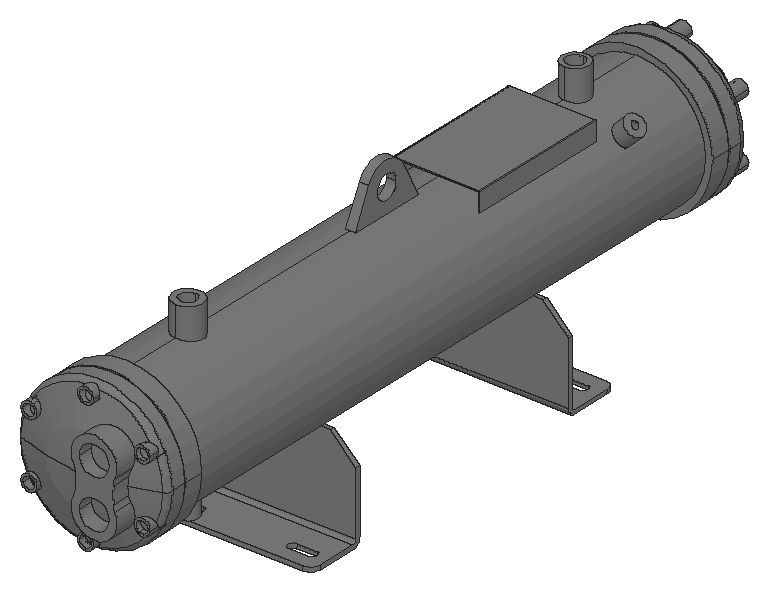
Revit family "MIT-BC_35_4P", category Specialty Equipment, Revit 2022
Family settings
  Round Connector Dimension = Use Radius
  Part Type = Normal
  Work Plane-Based = No
  Always vertical = Yes
  Cut with Voids When Loaded = No
  Maintain Annotation Orientation = No
  Shared = No
  Room Calculation Point = No
Parameters
  URL = "https://en.ekinendustriyel.com/evaporators-and-condensers"
  Test Pressure = 64.35 bar
  Production Standard = "TS EN 13831"
  Operating Pressure = 45.0 bar
  Model = "MIT-BC 35_4P"
  Manufacturer = "Ekin Endüstriyel"
  Keynote = "Condensers"
  Description = "MIT- Condensers"
  Default Elevation = 0 mm
Reference planes
  plane 1 "Center (Front/Back)": y = 0
  plane 2: z = 0
  plane 3 "Center (Left/Right)": x = 0
Forms (mm)
  Extrusion 1, solid, material "Ekin Endustriyel-S235JR"
    sketch origin (0, 0, 0) x (1, 0, 0) y (0, 0, 1)
      loop
        circle (0, 149.85) r 69.85
    from -330 to 330
  Extrusion 2, solid, material "Ekin Endustriyel-S235JR", detail levels medium+fine
    sketch origin (0, 0, 0) x (1, 0, 0) y (0, 0, 1)
      loop
        circle (0, 149.85) r 77.5
    from 330 to 350
  Sweep 3, solid, material "Ekin Endustriyel-S235JR", detail levels medium+fine
    path in 3D
      loop
        arc (77.5, -350, 149.85) -> (0, -350, 72.35) -> (-77.5, -350, 149.85) r 77.5
        arc (-77.5, -350, 149.85) -> (0, -350, 227.35) -> (77.5, -350, 149.85) r 77.5
    profile origin (0, -350, 227.35) x (0, 0, 1) y (0, -1, 0)
      loop
        line (0, 2) -> (0, 17.156)
        arc (0, 17.156) -> (-1.136, 21.036) -> (-4.187, 23.69) r 7.192
        arc (-4.187, 23.69) -> (-39.787, 35.801) -> (-77.114, 40.359) r 182.498
        line (-77.114, 40.359) -> (-77.114, 2) -> (0, 2)
  Extrusion 4, solid, material "Ekin Endustriyel-S235JR", detail levels fine
    sketch origin (0, 0, 0) x (1, 0, 0) y (0, 0, 1)
      loop
        circle (25.011, 174.878) r 15.5
      loop
        circle (25.011, 124.878) r 15.5
      loop
        arc (46.408, 165.162) -> (25.011, 198.378) -> (3.614, 165.162) r 23.5
        arc (3.614, 165.162) -> (4.758, 162.032) -> (5.416, 158.766) r 22
        arc (5.416, 158.766) -> (5.963, 149.878) -> (5.416, 140.99) r 72.414
        arc (5.416, 140.99) -> (4.758, 137.724) -> (3.614, 134.594) r 22
        arc (3.614, 134.594) -> (25.011, 101.378) -> (46.408, 134.594) r 23.5
        arc (46.408, 134.594) -> (45.264, 137.724) -> (44.606, 140.99) r 22
        arc (44.606, 140.99) -> (44.059, 149.878) -> (44.606, 158.766) r 72.414
        arc (44.606, 158.766) -> (45.264, 162.032) -> (46.408, 165.162) r 22
    from 371.512 to 402.178
  Extrusion 5, solid, material "Ekin Endustriyel-S235JR", detail levels fine
    sketch origin (0, 0, 0) x (1, 0, 0) y (0, 0, 1)
      loop
        arc (64.65, 184.28) -> (61.135, 189.225) -> (55.08, 188.836) r 6.23
        arc (55.08, 188.836) -> (55.779, 177.975) -> (64.65, 184.28) r 6.23
      loop
        arc (53.996, 190.516) -> (54.919, 176.169) -> (66.638, 184.498) r 8.23
        arc (66.638, 184.498) -> (61.994, 191.031) -> (53.996, 190.516) r 8.23
      loop
        arc (-64.65, 115.42) -> (-61.135, 110.475) -> (-55.08, 110.864) r 6.23
        arc (-55.08, 110.864) -> (-55.779, 121.725) -> (-64.65, 115.42) r 6.23
      loop
        arc (-53.996, 109.184) -> (-54.919, 123.531) -> (-66.638, 115.202) r 8.23
        arc (-66.638, 115.202) -> (-61.994, 108.669) -> (-53.996, 109.184) r 8.23
      loop
        arc (-2.508, 223.053) -> (-3.532, 212.218) -> (6.222, 217.044) r 6.23
        arc (6.222, 217.044) -> (3.532, 222.482) -> (-2.508, 223.053) r 6.23
      loop
        arc (8.22, 216.945) -> (4.666, 224.129) -> (-3.313, 224.884) r 8.23
        arc (-3.313, 224.884) -> (-4.666, 210.571) -> (8.22, 216.945) r 8.23
      loop
        arc (2.508, 76.647) -> (3.532, 87.482) -> (-6.222, 82.656) r 6.23
        arc (-6.222, 82.656) -> (-3.532, 77.218) -> (2.508, 76.647) r 6.23
      loop
        arc (-8.22, 82.755) -> (-4.666, 75.571) -> (3.313, 74.816) r 8.23
        arc (3.313, 74.816) -> (4.666, 89.129) -> (-8.22, 82.755) r 8.23
      loop
        arc (-64.65, 184.28) -> (-55.779, 177.975) -> (-55.08, 188.836) r 6.23
        arc (-55.08, 188.836) -> (-61.135, 189.225) -> (-64.65, 184.28) r 6.23
      loop
        arc (-53.996, 190.516) -> (-61.994, 191.031) -> (-66.638, 184.498) r 8.23
        arc (-66.638, 184.498) -> (-54.919, 176.169) -> (-53.996, 190.516) r 8.23
      loop
        arc (64.65, 115.42) -> (55.779, 121.725) -> (55.08, 110.864) r 6.23
        arc (55.08, 110.864) -> (61.135, 110.475) -> (64.65, 115.42) r 6.23
      loop
        arc (53.996, 109.184) -> (61.994, 108.669) -> (66.638, 115.202) r 8.23
        arc (66.638, 115.202) -> (54.919, 123.531) -> (53.996, 109.184) r 8.23
    from 359.194 to 382
  Sweep 6, solid, material "Ekin Endustriyel-S235JR", detail levels medium+fine
    path in 3D
      loop
        arc (77.5, 350, 149.85) -> (0, 350, 72.35) -> (-77.5, 350, 149.85) r 77.5
        arc (-77.5, 350, 149.85) -> (0, 350, 227.35) -> (77.5, 350, 149.85) r 77.5
    profile origin (0, 350, 227.35) x (0, 0, -1) y (0, 1, 0)
      loop
        line (0, 2) -> (77.114, 2) -> (77.114, 40.359)
        arc (77.114, 40.359) -> (39.787, 35.801) -> (4.187, 23.69) r 182.498
        arc (4.187, 23.69) -> (1.136, 21.036) -> (0, 17.156) r 7.192
        line (0, 17.156) -> (0, 2)
  Extrusion 7, solid, material "Ekin Endustriyel-S235JR", detail levels fine
    sketch origin (0, 0, 0) x (1, 0, 0) y (0, 0, -1)
      loop
        arc (64.65, -184.28) -> (55.779, -177.975) -> (55.08, -188.836) r 6.23
        arc (55.08, -188.836) -> (61.135, -189.225) -> (64.65, -184.28) r 6.23
      loop
        arc (53.996, -190.516) -> (61.994, -191.031) -> (66.638, -184.498) r 8.23
        arc (66.638, -184.498) -> (54.919, -176.169) -> (53.996, -190.516) r 8.23
      loop
        arc (-64.65, -115.42) -> (-55.779, -121.725) -> (-55.08, -110.864) r 6.23
        arc (-55.08, -110.864) -> (-61.135, -110.475) -> (-64.65, -115.42) r 6.23
      loop
        arc (-53.996, -109.184) -> (-61.994, -108.669) -> (-66.638, -115.202) r 8.23
        arc (-66.638, -115.202) -> (-54.919, -123.531) -> (-53.996, -109.184) r 8.23
      loop
        arc (-2.508, -223.053) -> (3.532, -222.482) -> (6.222, -217.044) r 6.23
        arc (6.222, -217.044) -> (-3.532, -212.218) -> (-2.508, -223.053) r 6.23
      loop
        arc (8.22, -216.945) -> (-4.666, -210.571) -> (-3.313, -224.884) r 8.23
        arc (-3.313, -224.884) -> (4.666, -224.129) -> (8.22, -216.945) r 8.23
      loop
        arc (2.508, -76.647) -> (-3.532, -77.218) -> (-6.222, -82.656) r 6.23
        arc (-6.222, -82.656) -> (3.532, -87.482) -> (2.508, -76.647) r 6.23
      loop
        arc (-8.22, -82.755) -> (4.666, -89.129) -> (3.313, -74.816) r 8.23
        arc (3.313, -74.816) -> (-4.666, -75.571) -> (-8.22, -82.755) r 8.23
      loop
        arc (-64.65, -184.28) -> (-61.135, -189.225) -> (-55.08, -188.836) r 6.23
        arc (-55.08, -188.836) -> (-55.779, -177.975) -> (-64.65, -184.28) r 6.23
      loop
        arc (-53.996, -190.516) -> (-54.919, -176.169) -> (-66.638, -184.498) r 8.23
        arc (-66.638, -184.498) -> (-61.994, -191.031) -> (-53.996, -190.516) r 8.23
      loop
        arc (64.65, -115.42) -> (61.135, -110.475) -> (55.08, -110.864) r 6.23
        arc (55.08, -110.864) -> (55.779, -121.725) -> (64.65, -115.42) r 6.23
      loop
        arc (53.996, -109.184) -> (54.919, -123.531) -> (66.638, -115.202) r 8.23
        arc (66.638, -115.202) -> (61.994, -108.669) -> (53.996, -109.184) r 8.23
      loop
        circle (25, -174.85) r 22.5
      loop
        circle (-25, -124.85) r 22.5
      loop
        circle (-30, -201.812) r 11
      loop
        circle (30, -97.888) r 11
    from 359.194 to 390
  Extrusion 8, solid, material "Ekin Endustriyel-S235JR", detail levels fine
    sketch origin (0, 0, 0) x (1, 0, 0) y (0, 0, 1)
      loop
        line (-43.995, 204.104) -> (-43.995, 223.089) -> (43.995, 223.089) -> (43.995, 204.104) -> (44.978, 204.104) -> (44.978, 223.089)
        arc (44.978, 223.089) -> (44.685, 223.796) -> (43.978, 224.089) r 1
        line (43.978, 224.089) -> (-43.978, 224.089)
        arc (-43.978, 224.089) -> (-44.685, 223.796) -> (-44.978, 223.089) r 1
        line (-44.978, 223.089) -> (-44.978, 204.104) -> (-43.995, 204.104)
    from -220 to -70
  Extrusion 9, solid, material "Ekin Endustriyel-S235JR", detail levels fine
    sketch origin (0, 0, 0) x (0, 1, 0) y (0, 0, 1)
      loop
        arc (22.472, 255.476) -> (0, 269.521) -> (-22.472, 255.476) r 25
        line (-22.472, 255.476) -> (-40, 219.521) -> (40, 219.521) -> (22.472, 255.476)
      loop
        circle (0, 244.521) r 12.5
    from 5 to -5
  Extrusion 10, solid, material "Ekin Endustriyel-S235JR", detail levels fine
    sketch origin (0, 0, 0) x (1, 0, 0) y (0, 1, 0)
      loop
        circle (0, 250) r 13.75
      loop
        circle (0, 250) r 9.5
    from 207.811 to 250
  Extrusion 11, solid, material "Ekin Endustriyel-S235JR", detail levels fine
    sketch origin (0, -500, 0) x (1, 0, 0) y (0, 1, 0)
      loop
        circle (0, 250) r 15.25
      loop
        circle (0, 250) r 8.928
    from 207.811 to 250
  Extrusion 12, solid, material "Ekin Endustriyel-S235JR", detail levels fine
    sketch origin (0, -500, 0) x (1, 0, 0) y (0, 1, 0)
      loop
        circle (0, 250) r 10.75
      loop
        circle (0, 250) r 8.25
    from 50 to 99.961
  Extrusion 13, solid, material "Ekin Endustriyel-S235JR", detail levels medium+fine
    sketch origin (0, 0, 0) x (0, 1, 0) y (0, 0, 1)
      loop
        line (195, 4) -> (143, 4)
        arc (143, 4) -> (140.172, 5.172) -> (139, 8) r 4
        line (139, 8) -> (139, 100) -> (135, 100) -> (135, 8)
        arc (135, 8) -> (137.343, 2.343) -> (143, 0) r 8
        line (143, 0) -> (195, 0) -> (195, 4)
      loop
        line (-195, 4) -> (-195, 0) -> (-143, 0)
        arc (-143, 0) -> (-137.343, 2.343) -> (-135, 8) r 8
        line (-135, 8) -> (-135, 100) -> (-139, 100) -> (-139, 8)
        arc (-139, 8) -> (-140.172, 5.172) -> (-143, 4) r 4
        line (-143, 4) -> (-195, 4)
    from -85 to 85
  Extrusion 14, void
    sketch origin (0, 0, 0) x (1, 0, 0) y (0, 0, 1)
      loop
        line (-58.929, 100) -> (-48.929, 100)
        arc (-48.929, 100) -> (0, 80) -> (48.929, 100) r 69.85
        line (48.929, 100) -> (58.929, 100) -> (85, 73.929) -> (85, 115.135) -> (-85, 115.135) -> (-85, 73.929) -> (-58.929, 100)
    from -139 to 139
  Extrusion 15, void
    sketch origin (0, 0, 0) x (1, 0, 0) y (0, 1, 0)
      loop
        line (-48.5, 180.25) -> (-68.5, 180.25)
        arc (-68.5, 180.25) -> (-73.75, 175) -> (-68.5, 169.75) r 5.25
        line (-68.5, 169.75) -> (-48.5, 169.75)
        arc (-48.5, 169.75) -> (-43.25, 175) -> (-48.5, 180.25) r 5.25
      loop
        line (-75, 195) -> (75, 195)
        arc (75, 195) -> (82.071, 192.071) -> (85, 185) r 10
        line (85, 185) -> (97.624, 185) -> (97.624, 220) -> (-105, 220) -> (-105, 185) -> (-85, 185)
        arc (-85, 185) -> (-82.071, 192.071) -> (-75, 195) r 10
      loop
        line (68.5, 180.25) -> (48.5, 180.25)
        arc (48.5, 180.25) -> (43.25, 175) -> (48.5, 169.75) r 5.25
        line (48.5, 169.75) -> (68.5, 169.75)
        arc (68.5, 169.75) -> (73.75, 175) -> (68.5, 180.25) r 5.25
      loop
        arc (-48.5, -180.25) -> (-43.25, -175) -> (-48.5, -169.75) r 5.25
        line (-48.5, -169.75) -> (-68.5, -169.75)
        arc (-68.5, -169.75) -> (-73.75, -175) -> (-68.5, -180.25) r 5.25
        line (-68.5, -180.25) -> (-48.5, -180.25)
      loop
        arc (-75, -195) -> (-82.071, -192.071) -> (-85, -185) r 10
        line (-85, -185) -> (-105, -185) -> (-105, -220) -> (97.624, -220) -> (97.624, -185) -> (85, -185)
        arc (85, -185) -> (82.071, -192.071) -> (75, -195) r 10
        line (75, -195) -> (-75, -195)
      loop
        arc (68.5, -180.25) -> (73.75, -175) -> (68.5, -169.75) r 5.25
        line (68.5, -169.75) -> (48.5, -169.75)
        arc (48.5, -169.75) -> (43.25, -175) -> (48.5, -180.25) r 5.25
        line (48.5, -180.25) -> (68.5, -180.25)
    from 0 to 4
  Extrusion 16, solid, material "Ekin Endustriyel-S235JR", detail levels fine
    sketch origin (61.503, 250, 211.353) x (0, 1, 0) y (-0.707107, 0, 0.707107)
      loop
        circle (0, 0) r 11
      loop
        circle (0, 0) r 4.216
    from 0 to -34.178
  Extrusion 17, solid, material "Ekin Endustriyel-S235JR", detail levels medium+fine
    sketch origin (0, 0, 0) x (1, 0, 0) y (0, 0, -1)
      loop
        circle (0, -149.85) r 77.5
    from 330 to 350
  Extrusion 18, solid, material "Ekin Endustriyel-S235JR", detail levels coarse
    sketch origin (0, 0, 0) x (1, 0, 0) y (0, 0, 1)
      loop
        circle (0, 149.85) r 77.5
    from -390 to 390
  Extrusion 19, solid, material "Ekin Endustriyel-S235JR", detail levels coarse
    sketch origin (0, 0, 0) x (0, 1, 0) y (0, 0, 1)
      loop
        line (-135, 0) -> (-135, 100) -> (-139, 100) -> (-139, 4) -> (-195, 4) -> (-195, 0) -> (-135, 0)
      loop
        line (135, 0) -> (195, 0) -> (195, 4) -> (139, 4) -> (139, 100) -> (135, 100) -> (135, 0)
    from -85 to 85
Cuts and joins
  Extrusion 14, Extrusion 15 cuts Extrusion 13
  joined: Extrusion 18, Extrusion 19
Lines and regions (mm)
  sketch lines
    curve 1: arc (-77.5, -350, 149.85) -> (0, -350, 227.35) -> (77.5, -350, 149.85) r 77.5
    curve 2: arc (77.5, -350, 149.85) -> (0, -350, 72.35) -> (-77.5, -350, 149.85) r 77.5
    curve 3: arc (-77.5, 350, 149.85) -> (0, 350, 227.35) -> (77.5, 350, 149.85) r 77.5
    curve 4: arc (77.5, 350, 149.85) -> (0, 350, 72.35) -> (-77.5, 350, 149.85) r 77.5
Dimensions and locks
  aligned and locked: level to plane 2
Connectors
  piping at (25.011, -402.178, 174.878), diameter 25.4
    settings: on Extrusion 4, index 1, connector inside diameter 609.6 mm, connector length 0 mm, flow factor 0, pipe flow 0.0 L/s, pressure drop 0.0 Pa, fitting loss kfactor 0, connector angle 0.00°, fixture units 0, engagement length 0 mm, angle of deflection 0.00°, flow configuration 0, flow direction 1, fitting loss method 0, system type 7, joint type 0, gender type 0, connector reference index -1, connector utility 0, adjustable connector no, is connector primary yes, connector description ""
  piping at (25.011, -402.178, 124.878), diameter 25.4
    settings: on Extrusion 4, index 2, connector inside diameter 609.6 mm, connector length 0 mm, flow factor 0, pipe flow 0.0 L/s, pressure drop 0.0 Pa, fitting loss kfactor 0, connector angle 0.00°, fixture units 0, engagement length 0 mm, angle of deflection 0.00°, flow configuration 0, flow direction 2, fitting loss method 0, system type 7, joint type 0, gender type 0, connector reference index -1, connector utility 0, adjustable connector no, is connector primary no, connector description ""
  hvac at (0, 250, 250)
    settings: on Extrusion 10, index 3, duct flow 0.0 L/s, flow factor 0, pres drop 0.0 bar, loss coef 0, conn angle 0.00°, conn width 304.8 mm, conn height 304.8 mm, conn diameter 22 mm, duct sys type 3, conn prof type 0, flow config 0, flow direction 1, loss method 0, conn ref index -1, conn util no, is conn primary yes, conn desc ""
  hvac at (0, -250, 50)
    settings: on Extrusion 12, index 4, duct flow 0.0 L/s, flow factor 0, pres drop 0.0 bar, loss coef 0, conn angle 0.00°, conn width 304.8 mm, conn height 304.8 mm, conn diameter 16 mm, duct sys type 3, conn prof type 0, flow config 0, flow direction 2, loss method 0, conn ref index -1, conn util no, is conn primary no, conn desc ""
